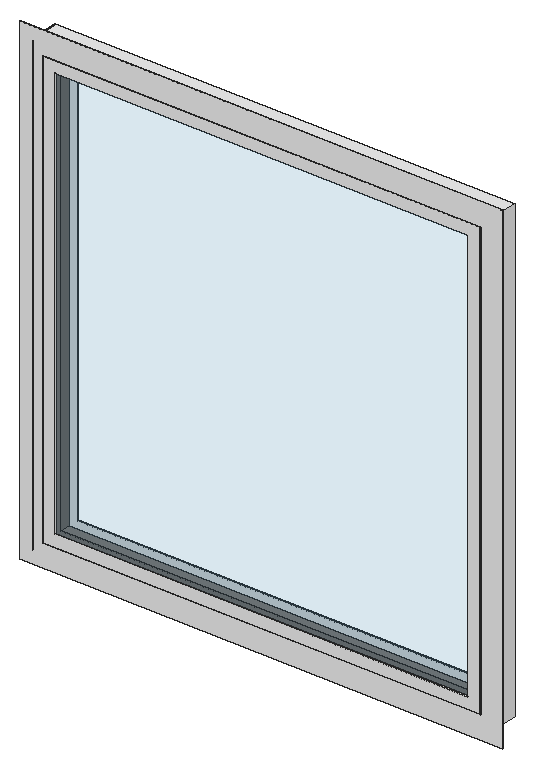
Revit family "Casement_34_D_Side_Hung_Standard", category Windows, host Wall, Revit 2014
Parameters (values of type "Casement_Sash_DG")
  Width Sash [instance] = 30 mm
  Width Sash Inner = 15 mm
  Width Bead = 15 mm
  Top Hung [instance] = yes
  Side Hung Right [instance] = yes
  Side Hung Left [instance] = yes
  Sash Opening Width [instance] = 600 mm
  Sash Opening Height [instance] = 600.312 mm
  Sash Lip = 15 mm
  Glazing Material [instance] = Glass
  DG Start Piece 2 [instance] = DG End Piece 1 + DG Gasket Thickness  # 25 mm
  DG Start Peice 1 [instance] = (Depth Sash - (2 * DG Glazing Thickness) - DG Gasket Thickness) / 2  # 6.6 mm
  Glazing Offset = 5 mm
  DG Glazing Thickness [instance] = 6.4 mm
  DG Gasket Thickness = 12 mm  # constant formula
  DG Gasket Material [instance] = Double Glazing Gasket Material
  DG End Piece 2 [instance] = DG Start Piece 2 + DG Glazing Thickness  # 31.4 mm
  DG End Piece 1 [instance] = DG Start Peice 1 + DG Glazing Thickness  # 13 mm
  Depth Sash [instance] = 38 mm
  Center Vertical Sash [instance] = Sash Opening Height / 2  # 300.156 mm
  Center Horizontal Sash [instance] = Sash Opening Width / 2  # 300 mm
  Bottom Hung [instance] = yes
  Bead Offset = 15 mm
  Aluminium Thickness = 1 mm
  Aluminium Material [instance] = White Powder Coated Aluminium
Reference planes
  plane 1 "Center (Front/Back)": y = 0
  plane 2: z = 0
  plane 3 "Center (Left/Right)": x = 0
Forms (mm)
  Sweep 1, solid, material "White Powder Coated Aluminium" <- "Aluminium Material"
    path origin (16.177, 0, 121.331) x (1, 0, 0) y (0, 0, 1)
      loop
        line (0, 0) -> (600, 0) -> (600, 600.312) -> (0, 600.312) -> (0, 0)
    profile origin (316.177, 0, 121.331) x (0, 0, 1) y (0, -1, 0)
      loop
        line (0, 0) -> (30, 0) -> (30, 1) -> (15, 1) -> (15, 38) -> (-15, 38) -> (-15, 37) -> (0, 37) -> (0, 0)
      loop
        line (14, 1) -> (14, 37) -> (1, 37) -> (1, 1) -> (14, 1)
  Sweep 2, solid, material "White Powder Coated Aluminium" <- "Aluminium Material"
    path origin (0, 0, 0) x (1, 0, 0) y (0, 0, 1)
      loop
        line (31.177, 706.643) -> (31.177, 136.331) -> (601.177, 136.331) -> (601.177, 706.643) -> (31.177, 706.643)
    profile origin (316.177, 0, 706.643) x (0, 0, 1) y (0, -1, 0)
      loop
        line (0, 37) -> (0, 38) -> (-15, 38) -> (-15, 37) -> (0, 37)
  Extrusion 3, solid, material "Glass" <- "Glazing Material"
    sketch origin (0, 0, 0) x (1, 0, 0) y (0, 0, 1)
      loop
        line (36.177, 701.643) -> (36.177, 141.331) -> (596.177, 141.331) -> (596.177, 701.643) -> (36.177, 701.643)
    from 6.6 <- "DG Start Peice 1" to 13 <- "DG End Piece 1"
  Extrusion 4, solid, material "Glass" <- "Glazing Material"
    sketch origin (0, 0, 0) x (1, 0, 0) y (0, 0, 1)
      loop
        line (36.177, 701.643) -> (36.177, 141.331) -> (596.177, 141.331) -> (596.177, 701.643) -> (36.177, 701.643)
    from 31.4 <- "DG End Piece 2" to 25 <- "DG Start Piece 2"
  Sweep 5, solid, material "Double Glazing Gasket Material" <- "DG Gasket Material"
    path origin (0, -13, 0) x (1, 0, 0) y (0, 0, 1)
      loop
        line (36.177, 701.643) -> (36.177, 141.331) -> (596.177, 141.331) -> (596.177, 701.643) -> (36.177, 701.643)
    profile origin (316.177, -13, 701.643) x (0, 0, 1) y (0, -1, 0)
      loop
        line (0, 0) -> (0, 12) -> (-7.96, 12) -> (-7.96, 0) -> (0, 0)
Lines and regions (mm)
  model lines
    curve 1: line (1.177, -38, 736.643) -> (31.177, -38, 706.643)
    curve 2: line (601.177, -38, 706.643) -> (631.177, -38, 736.643)
    curve 3: line (601.177, -38, 136.331) -> (631.177, -38, 106.331)
    curve 4: line (1.177, -38, 106.331) -> (31.177, -38, 136.331)
    curve 5: line (631.177, -37, 736.643) -> (616.177, -37, 721.643)
    curve 6: line (1.177, -37, 736.643) -> (16.177, -37, 721.643)
    curve 7: line (1.177, -37, 106.331) -> (16.177, -37, 121.331)
    curve 8: line (631.177, -37, 106.331) -> (616.177, -37, 121.331)
    curve 9: line (616.177, 0, 121.331) -> (586.177, 0, 151.331)
    curve 10: line (46.177, 0, 151.331) -> (16.177, 0, 121.331)
    curve 11: line (616.177, 0, 721.643) -> (586.177, 0, 691.643)
    curve 12: line (46.177, 0, 691.643) -> (16.177, 0, 721.643)
    curve 13: line (31.177, -38, 691.643) -> (46.177, -38, 691.643)
    curve 14: line (586.177, -38, 691.643) -> (601.177, -38, 691.643)
    curve 15: line (586.177, -38, 151.331) -> (601.177, -38, 151.331)
    curve 16: line (31.177, -38, 151.331) -> (46.177, -38, 151.331)
  model lines, style "GenericModelHiddenLines", visible <- "Top Hung"
    curve 17: line (46.386, -31.4, 690.914) -> (316.177, -31.4, 151.331)
    curve 18: line (316.177, -31.4, 151.331) -> (586.177, -31.4, 691.331)
  model lines, style "GenericModelHiddenLines", visible <- "Bottom Hung"
    curve 19: line (46.177, -31.4, 151.331) -> (316.177, -31.4, 691.331)
    curve 20: line (316.177, -31.4, 691.331) -> (586.177, -31.4, 151.331)
  model lines, style "GenericModelHiddenLines", visible <- "Side Hung Left"
    curve 21: line (46.386, -31.4, 690.914) -> (585.24, -31.4, 421.487)
    curve 22: line (585.24, -31.4, 421.487) -> (46.177, -31.4, 151.331)
  model lines, style "GenericModelHiddenLines", visible <- "Side Hung Right"
    curve 23: line (586.177, -31.4, 691.331) -> (46.177, -31.4, 421.487)
    curve 24: line (46.177, -31.4, 421.487) -> (586.177, -31.4, 151.331)
Dimensions and locks
  "Aluminium Thickness": Sweep 1 sketch curve to Sweep 1 sketch curve  (x4)
  "Depth Sash": Sweep 1 sketch curve to Sweep 1 sketch curve
  "Sash Opening Width": Sweep 1 to Sweep 1
  "Sash Opening Height": Sweep 1 to Sweep 1
  "Width Sash": Sweep 1 sketch curve to Sweep 1 sketch curve  (x2)
  "Width Sash Inner": Sweep 1 sketch curve to Sweep 1 sketch curve
  "Sash Lip": Sweep 1 sketch curve to Sweep 1 sketch curve
  "Aluminium Thickness": Sweep 1 to Sweep 2 sketch curve
  "Glazing Offset": Sweep 2 to Extrusion 3 sketch curve  (x3)
  "Glazing Offset": Extrusion 3 sketch curve to Sweep 2
  Sweep 1 to Sweep 1 = 1 mm
  "Aluminium Thickness": Sweep 2 sketch curve to Sweep 2 sketch curve
  "Width Bead": Sweep 2 sketch curve to Sweep 2 sketch curve
  locked: Sweep 5 sketch curve to Sweep 5 sketch curve at 7.96
  "Center Horizontal Sash": Sweep 1 to curve 18
  "Center Horizontal Sash": Sweep 1 to curve 20
  "Center Vertical Sash": Sweep 1 to curve 22
  "Center Vertical Sash": Sweep 1 to curve 24
  aligned and locked: level to plane 2
  aligned and locked: Sweep 1 sketch curve to Sweep 1 sketch curve  (x2)
  aligned and locked: Sweep 2 sketch curve to Sweep 1  (x5)
  aligned and locked: Extrusion 4 sketch curve to Extrusion 3  (x4)
  aligned and locked: Sweep 5 sketch curve to Extrusion 3  (x5)
  aligned and locked: Extrusion 3 to Sweep 5 sketch curve
Automatic sketch dimensions
  plane 3 "Center (Left/Right)" to Sweep 1 sketch curve = 16.177 mm
  level to Sweep 1 sketch curve = 121.331 mm
  plane 3 "Center (Left/Right)" to Sweep 1 sketch curve = 616.177 mm
  level to Sweep 1 sketch curve = 721.643 mm
  profile plane to Sweep 5 sketch curve = 12 mm
  curve 7 to Sweep 1 = 0 mm  (x4)
  curve 6 to Sweep 1 = 0 mm  (x3)
  Sweep 1 to curve 6 = 0 mm
  curve 5 to Sweep 1 = 0 mm  (x3)
  curve 8 to Sweep 1 = 0 mm  (x4)
  Sweep 1 to curve 5 = 0 mm
  curve 16 to Sweep 2 = 0 mm  (x3)
  curve 13 to Sweep 2 = 0 mm  (x3)
  curve 15 to Sweep 2 = 0 mm
  Sweep 2 to curve 15 = 0 mm  (x2)
  curve 14 to Sweep 2 = 0 mm  (x2)
  Sweep 2 to curve 14 = 0 mm
  curve 1 to Sweep 1 = 0 mm  (x4)
  curve 4 to Sweep 1 = 0 mm  (x3)
  Sweep 1 to curve 4 = 0 mm
  curve 3 to Sweep 1 = 0 mm  (x3)
  curve 2 to Sweep 1 = 0 mm  (x4)
  Sweep 1 to curve 3 = 0 mm
  curve 10 to Sweep 1 = 0 mm  (x4)
  curve 12 to Sweep 1 = 0 mm  (x3)
  Sweep 1 to curve 12 = 0 mm
  curve 9 to Sweep 1 = 0 mm  (x4)
  curve 11 to Sweep 1 = 0 mm  (x3)
  Sweep 1 to curve 11 = 0 mm
  Sweep 1 sketch curve to plane 1 "Center (Front/Back)" = 0 mm
  profile plane to Sweep 1 sketch curve = 0 mm
  curve 21 to Extrusion 4 = 10.208 mm
  curve 19 to Extrusion 4 = 10 mm
  curve 23 to Extrusion 4 = 10 mm  (x2)
  curve 22 to Extrusion 4 = 10.937 mm
  curve 20 to Extrusion 4 = 10 mm
  curve 24 to Extrusion 4 = 10 mm
  curve 22 to Extrusion 4 = 10 mm
  curve 18 to Extrusion 4 = 10 mm
  curve 21 to Extrusion 4 = 10.729 mm
  curve 19 to Extrusion 4 = 10.312 mm
  curve 18 to Extrusion 4 = 10.312 mm
Types in the file's own list only (6): name | Windload Design | Width Sash Opening | Width Sash | Width Profile | Width Panel 3 | Width Panel 1 | Width | URL | Offset Window Exterior | Max System DG Unit Thickness | Max System DG One Piece Thickness | Max Pane Area | Limit Fixed Pane Height Min | Limit Fixed Pane Height Max | Intruderprufe U Value | Intruderprufe SHGC Value | Intruderprufe LowE U Value | Intruderprufe LowE SHGC Value | Height | Energy Advantage U Value | Energy Advantage SHGC Value | DG Thickness Calc | Custom Window Width | Custom Window Height | Window Exterior Offset | Custom Windload | Sash Width | Custom Sash Height | Sash Spacing Inner | Sash Overlap | Sash Center Offset | SG Gasket Thickness | Offset Sash Left | Offset Sash Top | Offset Panel 3 Bead Top | Offset Transom Top | Offset Bead SG Center Reversed | Model | Manufacturer | Limit Window Width Min | Limit Window Width Max | Limit Window Height Min | Limit Window Height Max | Limit Sash Width Min | Limit Sash Width Max | Limit Sash Height Min | Limit Sash Height Max | Length Transom | Height Sash Opening | Height Sash | Height Panel 3 | Height Panel 1 | Description | Frame Center Offset | Depth Bead | Default Sill Height | Wall Closure | DG Gasket Finish | DG Extrusion Start | Clearvue U Value | Clearvue SHGC Value | Clearvue Insulated U Value | Clearvue Insulated SHGC Value | Clearvue Insulated LowE U Value | Clearvue Insulated LowE SHGC Value | Casement Dimension | Bead SG Gap | Area Pane Top | Area Pane Bottom
  34-0615S-1000Pa | 1000 mm | 544 mm | 514 mm | 30 mm | 530 mm | 530 mm | 590 mm | "http://www.crealco.co.za/crealco-products.php" | 17 mm | 20 mm | 4 mm | 0.51 m² | 200 mm | 1800 mm | 6.04 | 0.547 | 4.65 | 0.488 | 1490 mm | 4.76 | 0.52 | 4 mm | 590 mm | 1490 mm | 0 mm | 1000 mm | 544 mm | 1154 mm | 8 mm | 7 mm | 14 mm | 6 mm | 23 mm | 23 mm | 1200 mm | 1170 mm | 17 mm | "Casement 34" | "Crealco" | 346 mm | 746 mm | 1430 mm | 3030 mm | 300 mm | 700 mm | 300 mm | 1500 mm | 530 mm | 1154 mm | 1124 mm | 260 mm | 1140 mm | "Window 34mm, Type D side hung" | 17 mm | 20 mm | 800 mm | By host | Double Glazing Gasket Material | 7 mm | 6.13 | 0.58 | 4.11 | 0.515 | 3.63 | 0.47 | 34 mm | 13 mm | 0.51 m² | 0.13 m²
  34-0615S-1500Pa | 1500 mm | 544 mm | 514 mm | 30 mm | 530 mm | 530 mm | 590 mm | "http://www.crealco.co.za/crealco-products.php" | 17 mm | 20 mm | 4 mm | 0.51 m² | 200 mm | 1800 mm | 6.04 | 0.547 | 4.65 | 0.488 | 1490 mm | 4.76 | 0.52 | 4 mm | 590 mm | 1490 mm | 0 mm | 1500 mm | 544 mm | 1154 mm | 8 mm | 7 mm | 14 mm | 6 mm | 23 mm | 23 mm | 1200 mm | 1170 mm | 17 mm | "Casement 34" | "Crealco" | 346 mm | 746 mm | 1430 mm | 3030 mm | 300 mm | 700 mm | 300 mm | 1500 mm | 530 mm | 1154 mm | 1124 mm | 260 mm | 1140 mm | "Window 34mm, Type D side hung" | 17 mm | 20 mm | 800 mm | By host | Double Glazing Gasket Material | 7 mm | 6.13 | 0.58 | 4.11 | 0.515 | 3.63 | 0.47 | 34 mm | 13 mm | 0.51 m² | 0.13 m²
  34-0615S-2000Pa | 2000 mm | 544 mm | 514 mm | 30 mm | 530 mm | 530 mm | 590 mm | "http://www.crealco.co.za/crealco-products.php" | 17 mm | 20 mm | 4 mm | 0.51 m² | 200 mm | 1800 mm | 6.04 | 0.547 | 4.65 | 0.488 | 1490 mm | 4.76 | 0.52 | 4 mm | 590 mm | 1490 mm | 0 mm | 2000 mm | 544 mm | 1154 mm | 8 mm | 7 mm | 14 mm | 6 mm | 23 mm | 23 mm | 1200 mm | 1170 mm | 17 mm | "Casement 34" | "Crealco" | 346 mm | 746 mm | 1430 mm | 3030 mm | 300 mm | 700 mm | 300 mm | 1500 mm | 530 mm | 1154 mm | 1124 mm | 260 mm | 1140 mm | "Window 34mm, Type D side hung" | 17 mm | 20 mm | 800 mm | By host | Double Glazing Gasket Material | 7 mm | 6.13 | 0.58 | 4.11 | 0.515 | 3.63 | 0.47 | 34 mm | 13 mm | 0.51 m² | 0.13 m²
  34-0618S-1000Pa | 1000 mm | 544 mm | 514 mm | 30 mm | 530 mm | 530 mm | 590 mm | "http://www.crealco.co.za/crealco-products.php" | 17 mm | 20 mm | 4 mm | 0.51 m² | 200 mm | 1800 mm | 6.01 | 0.569 | 4.56 | 0.506 | 1790 mm | 4.66 | 0.54 | 4 mm | 590 mm | 1790 mm | 0 mm | 1000 mm | 544 mm | 1154 mm | 8 mm | 7 mm | 14 mm | 6 mm | 23 mm | 23 mm | 1200 mm | 1170 mm | 17 mm | "Casement 34" | "Crealco" | 346 mm | 746 mm | 1430 mm | 3030 mm | 300 mm | 700 mm | 300 mm | 1500 mm | 530 mm | 1154 mm | 1124 mm | 560 mm | 1140 mm | "Window 34mm, Type D side hung" | 17 mm | 20 mm | 800 mm | By host | Double Glazing Gasket Material | 7 mm | 6.11 | 0.603 | 3.99 | 0.535 | 3.48 | 0.488 | 34 mm | 13 mm | 0.51 m² | 0.29 m²
  34-0618S-1500Pa | 1500 mm | 544 mm | 514 mm | 30 mm | 530 mm | 530 mm | 590 mm | "http://www.crealco.co.za/crealco-products.php" | 17 mm | 20 mm | 4 mm | 0.51 m² | 200 mm | 1800 mm | 6.01 | 0.569 | 4.56 | 0.506 | 1790 mm | 4.66 | 0.54 | 4 mm | 590 mm | 1790 mm | 0 mm | 1500 mm | 544 mm | 1154 mm | 8 mm | 7 mm | 14 mm | 6 mm | 23 mm | 23 mm | 1200 mm | 1170 mm | 17 mm | "Casement 34" | "Crealco" | 346 mm | 746 mm | 1430 mm | 3030 mm | 300 mm | 700 mm | 300 mm | 1500 mm | 530 mm | 1154 mm | 1124 mm | 560 mm | 1140 mm | "Window 34mm, Type D side hung" | 17 mm | 20 mm | 800 mm | By host | Double Glazing Gasket Material | 7 mm | 6.11 | 0.603 | 3.99 | 0.535 | 3.48 | 0.488 | 34 mm | 13 mm | 0.51 m² | 0.29 m²
  34-0618S-2000Pa | 2000 mm | 544 mm | 514 mm | 30 mm | 530 mm | 530 mm | 590 mm | "http://www.crealco.co.za/crealco-products.php" | 17 mm | 20 mm | 4 mm | 0.51 m² | 200 mm | 1800 mm | 6.01 | 0.569 | 4.56 | 0.506 | 1790 mm | 4.66 | 0.54 | 4 mm | 590 mm | 1790 mm | 0 mm | 2000 mm | 544 mm | 1154 mm | 8 mm | 7 mm | 14 mm | 6 mm | 23 mm | 23 mm | 1200 mm | 1170 mm | 17 mm | "Casement 34" | "Crealco" | 346 mm | 746 mm | 1430 mm | 3030 mm | 300 mm | 700 mm | 300 mm | 1500 mm | 530 mm | 1154 mm | 1124 mm | 560 mm | 1140 mm | "Window 34mm, Type D side hung" | 17 mm | 20 mm | 800 mm | By host | Double Glazing Gasket Material | 7 mm | 6.11 | 0.603 | 3.99 | 0.535 | 3.48 | 0.488 | 34 mm | 13 mm | 0.51 m² | 0.29 m²
